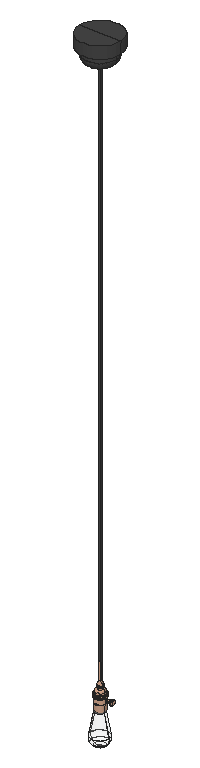
Revit family "SPO-KEY-AB MB", category Lighting Fixtures, Revit 2020
Family settings
  Round Connector Dimension = Use Diameter
  Part Type = Normal
  OmniClass Number = 23.80.70.00
  OmniClass Title = Lighting
  Work Plane-Based = No
  Always vertical = Yes
  Cut with Voids When Loaded = No
  Light Source = Yes
  Shared = No
  Room Calculation Point = No
Parameters (values of type "SPO-KEY-AB")
  Weight = "0.30 lbs"
  Wattage Comments = "60W Max"
  Wattage = 1.6 W
  Warranty = "5 year limited warranty"  # constant formula
  built-in parameter 1150110 = 1 (stored number, unit not read)
  Voltage = 277 V
  URL = "https://www.anplighting.com/assets/Uploads/product-attachments/specification-sheets/ANP-Specification-Sheet-SPO-KEY-AB.pdf"
  built-in parameter 1114217 = 1 (stored number, unit not read)
  Tilt Angle = 90.00°
  built-in parameter 1150109 = 1 (stored number, unit not read)
  built-in parameter 1150134 = 12
  built-in parameter 1150113 = 1 (stored number, unit not read)
  SPO-KEY-AB = yes
  Ring = RING
  Mounting Option [instance] = 1
  Power Factor = 1
  Post Mount [instance] = Mounting Option = 5  # no
  Placement X axis side [instance] = if(Post Mount, 2' 2 15/32", if(Cord or Stem Mount, 0' 0", if(E36 20 inch, 1' 8 1/4", if(E 6 26 inch, 2' 2", if(E7 41 inch, 3' 5 1/4", 0' 1")))))  # 0' - 0"
  Photometric Web File = "generic.ies"
  Model = "SPO-KEY-AB"
  Manufacturer = "ANP Lighting"  # constant formula
  built-in parameter 1150105 = 2000 (stored number, unit not read)
  Lumens = 2000 lm
  built-in parameter 1150115 = 1 (stored number, unit not read)
  Load Classification = Lighting
  Light Source Height [instance] = 0' - 6 205/256"
  built-in parameter 1150137 = (empty or 0)
  built-in parameter 1150139 = (empty or 0)
  Light Elevation _2 [instance] = if(Post Mount, 0' 0.66142", if(E7 41 inch, 0' 0.66142", if(E36 20 inch, 0' 1.65748", if(E 6 26 inch, 0' 1.53543", if(Cord or Stem Mount, (0' 4.3622" + Cord Length), 0' 0")))))  # 6' - 4.3622"
  Light Elevation _1 [instance] = if(Post Mount, 0' 0", if(E7 41 inch, 0' 0", if(E36 20 inch, 0' 1", if(E 6 26 inch, 0' 0.87402", if(Cord or Stem Mount, (0' 3.66142" + Cord Length), 0' 0")))))  # 6' - 3.66142"
  Light Elevation [instance] = if(Post Mount, 14' 0.5315", if(E7 41 inch, 0' 0", 0' 0"))  # 0' - 0"
  built-in parameter 1150112 = 1 (stored number, unit not read)
  built-in parameter 1150114 = 1 (stored number, unit not read)
  Lamp = "MED-BASE"
  built-in parameter 1150132 = 2
  built-in parameter 1150102 = (empty or 0)
  built-in parameter 1150107 = 4000 (stored number, unit not read)
  built-in parameter 1150138 = (empty or 0)
  built-in parameter 1150106 = 20 (stored number, unit not read)
  GLASS = Glass
  Fixture Height = 0' - 3 1/2"
  Fixture Diameter = 0' - 1 1/2"
  built-in parameter 1150104 = 116.13 (stored number, unit not read)
  E7 41 inch [instance] = Mounting Option = 4  # no
  E36 20 inch [instance] = Mounting Option = 3  # no
  E 6 26 inch [instance] = Mounting Option = 2  # no
  Dimming Lamp Color Temperature Shift = <None>
  Description = "120-277 Voltage"  # constant formula
  Default Elevation = 0' - 0"
  Cord or Stem Mount [instance] = Mounting Option = 1  # yes
  Cord Length option [instance] = 0
  Cord Length [instance] = if([2' Cord], 2' 0", if([4' Cord], 4' 0", if([8' Cord], 8' 0", if([10' Cord], 10' 0", if([6' Cord], 6' 0", 6' 0")))))  # 6' - 0"
  Construction Material = "Heavy Duty spun aluminum."  # constant formula
  Color Filter = 16777215
  Body Material = body
  Body Colour = "Spun aluminium"  # constant formula
  built-in parameter 1114218 = 1 (stored number, unit not read)
  built-in parameter 1150133 = 10 (stored number, unit not read)
  Apparent Load = 60 VA
  8' Cord [instance] = Cord Length option = 8  # no
  6' Cord [instance] = Cord Length option = 6  # no
  4' Cord [instance] = Cord Length option = 4  # no
  2' Cord [instance] = Cord Length option = 2  # no
  10' Cord [instance] = Cord Length option = 10  # no
Reference planes (in)
  plane 1 "Light Source Axis (F/B)": y = 0
  plane 2: z = 0
  plane 3 "Light Source Axis (L/R)": x = 0
  plane 4 "Light Source Elevation": z = 0
  plane 5: z = 0
  plane 6: x = 0
  plane 7 "Bulb Position": z = -76.3622
  plane 8 "Canopy Position": z = -75.66142
  plane 9 "IES": z = -83.16299
Dimensions and locks (in)
  "Light Elevation": plane 5 to plane 2
  "Placement X axis side": plane 6 to plane 3 "Light Source Axis (L/R)"
  "Light Elevation _2": plane 5 to plane 7 "Bulb Position"
  "Light Elevation _1": plane 5 to plane 8 "Canopy Position"
  "Light Source Height": plane 7 "Bulb Position" to plane 9 "IES"
  locked: plane 4 "Light Source Elevation" to plane 2
  aligned and locked: level to plane 2
  aligned and locked: plane 1 "Light Source Axis (F/B)" to nested 5
  aligned and locked: nested 5 to plane 2
  aligned and locked: nested 1 to plane 3 "Light Source Axis (L/R)"
  aligned and locked: plane 3 "Light Source Axis (L/R)" to nested 2
  aligned and locked: plane 3 "Light Source Axis (L/R)" to nested 4
  aligned and locked: nested 3 to plane 5
  aligned and locked: plane 3 "Light Source Axis (L/R)" to nested 3
  aligned and locked: plane 3 "Light Source Axis (L/R)" to nested 5
  aligned and locked: plane 1 "Light Source Axis (F/B)" to nested 2
  aligned and locked: plane 1 "Light Source Axis (F/B)" to nested 1
  aligned and locked: plane 1 "Light Source Axis (F/B)" to nested 4
  aligned and locked: plane 1 "Light Source Axis (F/B)" to nested 3
  aligned and locked: plane 2 to nested 1
  aligned and locked: plane 2 to nested 2
  aligned and locked: nested 4 to plane 2
  aligned and locked: imposter light to plane 9 "IES"
  aligned and locked: imposter light to plane 6
  aligned and locked: nested 6 to plane 6
  aligned and locked: nested 6 to plane 8 "Canopy Position"
Nested families (in)
  nested 1: "CORD OR STEM MOUNT" at (0, 0, -75.67), visible <- "Cord or Stem Mount", Cord or Stem Mount <- "Cord or Stem Mount", Body Material <- "Body Material", Light Elevation <- "Light Elevation", Cord Length <- "Cord Length", 10' Cord <- "10' Cord", 2' Cord <- "2' Cord", 4' Cord <- "4' Cord", 6' Cord <- "6' Cord", 8' Cord <- "8' Cord", type "CORD OR STEM MOUNT"
    with Light Elevation 0' - 0", Cord or Stem Mount yes, Cord Length 6' - 0", Body Material body, 8' Cord no, 6' Cord no, 4' Cord no, 2' Cord no, 10' Cord no
  nested 2: "E6 26 INCH" at (0, 0, 0), visible <- "E 6 26 inch", Chain Length <- "Cord Length", E 6 26 inch <- "E 6 26 inch", Placement X axis side <- "Placement X axis side", Body Material <- "Body Material", Light Elevation <- "Light Elevation", type "E6 26 INCH"
    with Placement X axis side 0' - 0", Light Elevation 0' - 0", E 6 26 inch no, Chain Length 6' - 0", Body Material body
  nested 3: "E7 41 INCH" at (0, 0, 0), Chain Length <- "Cord Length", visible <- "E7 41 inch", E7 41 inch <- "E7 41 inch", Placement X axis side <- "Placement X axis side", Body Material <- "Body Material", Light Elevation <- "Light Elevation", type "E7 41 INCH"
    with Placement X axis side 0' - 0", Light Elevation 0' - 0", E7 41 inch no, Chain Length 6' - 0", Body Material body
  nested 4: "E36 20 INCH" at (0, 0, 0), visible <- "E36 20 inch", E36 20 inch <- "E36 20 inch", Placement X axis side <- "Placement X axis side", Chain Length <- "Cord Length", Body Material <- "Body Material", Light Elevation <- "Light Elevation", type "E36 20 INCH"
    with Placement X axis side 0' - 0", Light Elevation 0' - 0", E36 20 inch no, Chain Length 6' - 0", Body Material body
  nested 5: "POST MOUNT" at (0, 0, 0), visible <- "Post Mount", Post Mount <- "Post Mount", Placement X axis side <- "Placement X axis side", Chain Length <- "Cord Length", Body Material <- "Body Material", Light Elevation <- "Light Elevation", type "POST MOUNT"
    with Post Mount no, Placement X axis side 0' - 0", Light Elevation 0' - 0", Chain Length 6' - 0", Body Material body
  nested 6: "SPO-KEY-AB" at (0, 0, -75.66142), Light Elevation <- "Light Elevation", Body <- "Ring", visible <- "SPO-KEY-AB", SPO-KEY-AB <- "SPO-KEY-AB", type "SPO-KEY-AB"
    with Light Elevation 0' - 0", Body RING
Definition of nested family "CORD OR STEM MOUNT"
  Parameters (values of type "CORD OR STEM MOUNT")
    URL = ""
    Model = ""
    Manufacturer = ""
    Light Elevation [instance] = 1' - 7.69"
    Default Elevation = 0' - 0"
    Cord or Stem Mount [instance] = yes
    Cord Length [instance] = 6' - 0"
    Body Material [instance] = none
    8' Cord [instance] = no
    6' Cord [instance] = no
    4' Cord [instance] = no
    2' Cord [instance] = no
    10' Cord [instance] = no
  Reference planes (in)
    plane 1 "Light Source Axis (F/B)": y = 0
    plane 2: z = 0
    plane 3 "Light Source Axis (L/R)": x = 0
    plane 4 "Light Source Elevation": z = 23.125
    plane 5: z = 91.69
    plane 6: z = 19.69
  Forms (in)
    Extrusion 1, void, not visible
      sketch origin (0, 0, 2.38154) x (1, 0, 0) y (0, 0, 1)
        loop
          circle (0, 4.59925) r 0.16583
      from 1.18594 to 1.75
    Extrusion 2, void, not visible
      sketch origin (0, 0, 2.38154) x (0.707107, -0.707107, 0) y (0, 0, 1)
        loop
          circle (0, 4.59925) r 0.16583
      from 1.18594 to 1.75
    Extrusion 3, void, not visible
      sketch origin (0, 0, 2.38154) x (0.707107, 0.707107, 0) y (0, 0, 1)
        loop
          circle (0, 4.59925) r 0.16583
      from 1.18594 to 1.75
    Extrusion 4, void, not visible
      sketch origin (0, 0, 2.38154) x (0, 1, 0) y (0, 0, 1)
        loop
          circle (0, 4.59925) r 0.16583
      from 1.18594 to 1.75
    Extrusion 5, void, not visible
      sketch origin (0, 0, 2.38154) x (-0.707107, 0.707107, 0) y (0, 0, 1)
        loop
          circle (0, 4.59925) r 0.16583
      from 1.18594 to 1.75
    Extrusion 6, void, not visible
      sketch origin (0, 0, 2.38154) x (-1, 0, 0) y (0, 0, 1)
        loop
          circle (0, 4.59925) r 0.20678
      from 1.18594 to 1.75
    Extrusion 7, void, not visible
      sketch origin (0, 0, 2.38154) x (-0.707107, -0.707107, 0) y (0, 0, 1)
        loop
          circle (0, 4.59925) r 0.16583
      from 1.18594 to 1.75
    Extrusion 8, void, not visible
      sketch origin (0, 0, 2.38154) x (0, -1, 0) y (0, 0, 1)
        loop
          circle (0, 4.59925) r 0.16583
      from 1.18594 to 1.75
    Revolve 9, solid, material <- "Body Material", visible <- "Cord or Stem Mount"
      sketch origin (0, 0, 174.56698) x (1, 0, 0) y (0, 0, 1)
        loop
          line (2.6875, -79.20698) -> (0, -79.20698) -> (0, -82.87698) -> (0.125, -82.87698) -> (0.125, -82.83698) -> (0.75, -82.83698)
          arc (0.75, -82.83698) -> (0.81694, -82.77004) -> (0.75, -82.7031) r 0.06694
          line (0.75, -82.7031) -> (0.89763, -82.7031) -> (1.00223, -82.5985) -> (1.06587, -82.5985)
          arc (1.06587, -82.5985) -> (1.80099, -82.29401) -> (2.10549, -81.55888) r 1.03962
          line (2.10549, -81.55888) -> (2.10549, -81.03899)
          arc (2.10549, -81.03899) -> (2.12951, -80.981) -> (2.1875, -80.95698) r 0.08201
          line (2.1875, -80.95698) -> (2.1875, -80.70698) -> (2.6875, -80.70698) -> (2.6875, -79.20698)
        axis (0, -79.20698) -> (0, -82.87698)
      angle from 0 to 360
    Revolve 10, solid, material <- "Body Material", visible <- "Cord or Stem Mount"
      sketch origin (0, 0, 0) x (1, 0, 0) y (0, 0, 1)
        loop
          line (0, 91.69) -> (-0.125, 91.69) -> (-0.125, 19.69) -> (0, 19.69) -> (0, 91.69)
        axis (0, 19.69) -> (0, 91.69)
      angle from 0 to 360
  Dimensions and locks (in)
    "Light Elevation": plane 6 to plane 2
    "Cord Length": plane 5 to plane 6
    locked: Revolve 10 sketch curve to Revolve 10 sketch curve at 0.125
    aligned and locked: level to plane 2
    aligned and locked: Revolve 10 sketch curve to plane 3 "Light Source Axis (L/R)"
    aligned and locked: Revolve 10 sketch curve to plane 6
    aligned and locked: Revolve 10 sketch curve to plane 5
    aligned and locked: plane 3 "Light Source Axis (L/R)" to Revolve 10 sketch curve
  Automatic sketch dimensions
    Revolve 9 sketch curve to plane 3 "Light Source Axis (L/R)" = 0' - 0"  (x2)
    Revolve 9 sketch curve to plane 5 = 0' - 0"
    plane 3 "Light Source Axis (L/R)" to Revolve 9 sketch curve = 0' - 0 1/8"
    Revolve 9 sketch curve to plane 5 = 0' - 0.17388"
    Revolve 9 sketch curve to Revolve 9 sketch curve = 0' - 0 5/8"
    Revolve 9 sketch curve to Revolve 9 sketch curve = 0' - 0.14763"
    Revolve 9 sketch curve to plane 5 = 0' - 0.27847"
    Revolve 9 sketch curve to Revolve 9 sketch curve = 0' - 0.1046"
    Revolve 9 sketch curve to Revolve 9 sketch curve = 0' - 0.06364"
    Revolve 9 sketch curve to Revolve 9 sketch curve = 0' - 1.03962"
    Revolve 9 sketch curve to Revolve 9 sketch curve = 0' - 0 21/256"
    Revolve 9 sketch curve to Revolve 9 sketch curve = 0' - 0 1/2"  (x2)
    Revolve 9 sketch curve to Revolve 9 sketch curve = 0' - 0.51989"
    Revolve 9 sketch curve to Revolve 9 sketch curve = 0' - 0 1/4"
    Revolve 9 sketch curve to Revolve 9 sketch curve = 0' - 2.3519"
    Revolve 9 sketch curve to Revolve 9 sketch curve = 0' - 1 1/4"
    Revolve 9 sketch curve to Revolve 9 sketch curve = 0' - 0.04"
    Revolve 10 sketch curve to Revolve 10 sketch curve = 0' - 0 1/2"
    Revolve 10 sketch curve to Revolve 10 sketch curve = 0' - 0.42345"
Definition of nested family "SPO-KEY-AB"
  Parameters (values of type "SPO-KEY-AB")
    SPO-KEY-AB [instance] = yes
    Light Elevation [instance] = 0' - 0"
    GLASS = none
    Default Elevation = 0' - 0"
    Body [instance] = none
  Reference planes (in)
    plane 1 "Center (Front/Back)": y = 0
    plane 2: z = 0
    plane 3 "Center (Left/Right)": x = 0
    plane 4: z = 0
  Dimensions and locks (in)
    "Light Elevation": plane 4 to plane 2
    locked: plane 4 to nested 2 at 3.5
    aligned and locked: plane 2 to level
    aligned and locked: plane 3 "Center (Left/Right)" to nested 1
    aligned and locked: plane 1 "Center (Front/Back)" to nested 1
    aligned and locked: plane 4 to nested 1
  Nested families (in)
    nested 1: "SPO-KEY-AB HOLDER" at (0, 0, -3.5), visible <- "SPO-KEY-AB", Body <- "Body", SPO-KEY-AB <- "SPO-KEY-AB", type "SPO-KEY-AB HOLDER"
    nested 2: "light" at (0, 0, -3.5), visible <- "SPO-KEY-AB", SPB <- "SPO-KEY-AB", Body <- "GLASS", type "light"
      with SPB yes, Body none
  Definition of nested family "SPO-KEY-AB HOLDER"
    Parameters (values of type "SPO-KEY-AB HOLDER")
      SPO-KEY-AB [instance] = yes
      Default Elevation = 0' - 0"
      Body [instance] = none
    Reference planes (in)
      plane 1 "Center (Front/Back)": y = 0
      plane 2: z = 0
      plane 3 "Center (Left/Right)": x = 0
      plane 4: z = 3.5
      plane 5: x = 0.75
      plane 6: x = -0.75
    Forms (in)
      Extrusion 1, solid, material <- "Body", visible <- "SPO-KEY-AB"
        sketch origin (0, 0, 0) x (1, 0, 0) y (0, 1, 0)
          loop
            circle (0, 0) r 0.1524
        from 3.5 to 5.76727
      Revolve 2, solid, material <- "Body", visible <- "SPO-KEY-AB"
        sketch origin (0, 0, 0) x (1, 0, 0) y (0, 0, 1)
          loop
            line (-0.18061, 3.5) -> (-0.32164, 2.93434) -> (-0.32164, 2.74115) -> (-0.25926, 2.74115) -> (-0.25926, 2.49115) -> (-0.31433, 2.42552)
            arc (-0.31433, 2.42552) -> (-0.49114, 2.37605) -> (-0.56812, 2.20938) r 0.21893
            line (-0.56812, 2.20938) -> (-0.56812, 2.00272) -> (-0.75, 2.00272) -> (-0.75, 1.61565) -> (-0.68925, 1.61565) -> (-0.68925, 0.93656) -> (-0.62575, 0.87307) -> (-0.62575, 0) -> (0, 0) -> (0, 3.5) -> (-0.18061, 3.5)
          axis (0, 0) -> (0, 3.5)
        angle from 0 to 360
      Revolve 3, solid, material <- "Body", visible <- "SPO-KEY-AB"
        sketch origin (0, 0, 0) x (1, 0, 0) y (0, 0, 1)
          loop
            line (0.68856, 1.41798) -> (0.68856, 1.37371) -> (1.6389, 1.37371) -> (1.6389, 1.68796) -> (1.50148, 1.68796)
            arc (1.50148, 1.68796) -> (1.35915, 1.49979) -> (1.13142, 1.43813) r 0.36469
            line (1.13142, 1.43813) -> (1.13142, 1.47522)
            arc (1.13142, 1.47522) -> (1.09261, 1.49665) -> (1.06433, 1.4625) r 0.03475
            arc (1.06433, 1.4625) -> (0.99951, 1.47299) -> (0.94815, 1.5139) r 0.12959
            line (0.94815, 1.5139) -> (0.81784, 1.5139) -> (0.81784, 1.41798) -> (0.68856, 1.41798)
          axis (0.68856, 1.37371) -> (1.6389, 1.37371)
        angle from 0 to 360
      Extrusion 4, solid, material <- "Body", visible <- "SPO-KEY-AB"
        sketch origin (0.01979, 0.02398, 0) x (1, 0, 0) y (0, 1, 0)
          loop
            line (0.44965, 0.52237) -> (0.48225, 0.49432) -> (0.51145, 0.52351) -> (0.47877, 0.55619) -> (0.44965, 0.52237)
        from 1.87225 to 1.98153
      Extrusion 5, solid, material <- "Body", visible <- "SPO-KEY-AB"
        sketch origin (0.02205, 0.02193, 0) x (0.995192, -0.097945, 0) y (0.097945, 0.995192, 0)
          loop
            line (0.44965, 0.52237) -> (0.48225, 0.49432) -> (0.51145, 0.52351) -> (0.47877, 0.55619) -> (0.44965, 0.52237)
        from 1.87225 to 1.98153
      Extrusion 6, solid, material <- "Body", visible <- "SPO-KEY-AB"
        sketch origin (0.02409, 0.01967, 0) x (0.980813, -0.194949, 0) y (0.194949, 0.980813, 0)
          loop
            line (0.44965, 0.52237) -> (0.48225, 0.49432) -> (0.51145, 0.52351) -> (0.47877, 0.55619) -> (0.44965, 0.52237)
        from 1.87225 to 1.98153
      Extrusion 7, solid, material <- "Body", visible <- "SPO-KEY-AB"
        sketch origin (0.0259, 0.01721, 0) x (0.957003, -0.290078, 0) y (0.290078, 0.957003, 0)
          loop
            line (0.44965, 0.52237) -> (0.48225, 0.49432) -> (0.51145, 0.52351) -> (0.47877, 0.55619) -> (0.44965, 0.52237)
        from 1.87225 to 1.98153
      Extrusion 8, solid, material <- "Body", visible <- "SPO-KEY-AB"
        sketch origin (0.02746, 0.01459, 0) x (0.92399, -0.382417, 0) y (0.382417, 0.92399, 0)
          loop
            line (0.44965, 0.52237) -> (0.48225, 0.49432) -> (0.51145, 0.52351) -> (0.47877, 0.55619) -> (0.44965, 0.52237)
        from 1.87225 to 1.98153
      Extrusion 9, solid, material <- "Body", visible <- "SPO-KEY-AB"
        sketch origin (0.02876, 0.01183, 0) x (0.882091, -0.471078, 0) y (0.471078, 0.882091, 0)
          loop
            line (0.44965, 0.52237) -> (0.48225, 0.49432) -> (0.51145, 0.52351) -> (0.47877, 0.55619) -> (0.44965, 0.52237)
        from 1.87225 to 1.98153
      Extrusion 10, solid, material <- "Body", visible <- "SPO-KEY-AB"
        sketch origin (0.02978, 0.00896, 0) x (0.83171, -0.55521, 0) y (0.55521, 0.83171, 0)
          loop
            line (0.44965, 0.52237) -> (0.48225, 0.49432) -> (0.51145, 0.52351) -> (0.47877, 0.55619) -> (0.44965, 0.52237)
        from 1.87225 to 1.98153
      Extrusion 11, solid, material <- "Body", visible <- "SPO-KEY-AB"
        sketch origin (0.03051, 0.006, 0) x (0.773331, -0.634003, 0) y (0.634003, 0.773331, 0)
          loop
            line (0.44965, 0.52237) -> (0.48225, 0.49432) -> (0.51145, 0.52351) -> (0.47877, 0.55619) -> (0.44965, 0.52237)
        from 1.87225 to 1.98153
      Extrusion 12, solid, material <- "Body", visible <- "SPO-KEY-AB"
        sketch origin (0.03095, 0.00298, 0) x (0.707515, -0.706698, 0) y (0.706698, 0.707515, 0)
          loop
            line (0.44965, 0.52237) -> (0.48225, 0.49432) -> (0.51145, 0.52351) -> (0.47877, 0.55619) -> (0.44965, 0.52237)
        from 1.87225 to 1.98153
      Extrusion 13, solid, material <- "Body", visible <- "SPO-KEY-AB"
        sketch origin (0.0311, -0.00007, 0) x (0.634895, -0.772598, 0) y (0.772598, 0.634895, 0)
          loop
            line (0.44965, 0.52237) -> (0.48225, 0.49432) -> (0.51145, 0.52351) -> (0.47877, 0.55619) -> (0.44965, 0.52237)
        from 1.87225 to 1.98153
      Extrusion 14, solid, material <- "Body", visible <- "SPO-KEY-AB"
        sketch origin (0.03094, -0.00311, 0) x (0.55617, -0.831068, 0) y (0.831068, 0.55617, 0)
          loop
            line (0.44965, 0.52237) -> (0.48225, 0.49432) -> (0.51145, 0.52351) -> (0.47877, 0.55619) -> (0.44965, 0.52237)
        from 1.87225 to 1.98153
      Extrusion 15, solid, material <- "Body", visible <- "SPO-KEY-AB"
        sketch origin (0.03049, -0.00613, 0) x (0.472097, -0.881547, 0) y (0.881547, 0.472097, 0)
          loop
            line (0.44965, 0.52237) -> (0.48225, 0.49432) -> (0.51145, 0.52351) -> (0.47877, 0.55619) -> (0.44965, 0.52237)
        from 1.87225 to 1.98153
      Extrusion 16, solid, material <- "Body", visible <- "SPO-KEY-AB"
        sketch origin (0.02974, -0.00908, 0) x (0.383483, -0.923548, 0) y (0.923548, 0.383483, 0)
          loop
            line (0.44965, 0.52237) -> (0.48225, 0.49432) -> (0.51145, 0.52351) -> (0.47877, 0.55619) -> (0.44965, 0.52237)
        from 1.87225 to 1.98153
      Extrusion 17, solid, material <- "Body", visible <- "SPO-KEY-AB"
        sketch origin (0.02871, -0.01195, 0) x (0.291182, -0.956668, 0) y (0.956668, 0.291182, 0)
          loop
            line (0.44965, 0.52237) -> (0.48225, 0.49432) -> (0.51145, 0.52351) -> (0.47877, 0.55619) -> (0.44965, 0.52237)
        from 1.87225 to 1.98153
      Extrusion 18, solid, material <- "Body", visible <- "SPO-KEY-AB"
        sketch origin (0.0274, -0.01471, 0) x (0.196081, -0.980588, 0) y (0.980588, 0.196081, 0)
          loop
            line (0.44965, 0.52237) -> (0.48225, 0.49432) -> (0.51145, 0.52351) -> (0.47877, 0.55619) -> (0.44965, 0.52237)
        from 1.87225 to 1.98153
      Extrusion 19, solid, material <- "Body", visible <- "SPO-KEY-AB"
        sketch origin (0.02583, -0.01732, 0) x (0.099094, -0.995078, 0) y (0.995078, 0.099094, 0)
          loop
            line (0.44965, 0.52237) -> (0.48225, 0.49432) -> (0.51145, 0.52351) -> (0.47877, 0.55619) -> (0.44965, 0.52237)
        from 1.87225 to 1.98153
      Extrusion 20, solid, material <- "Body", visible <- "SPO-KEY-AB"
        sketch origin (0.02401, -0.01977, 0) x (0.001155, -0.999999, 0) y (0.999999, 0.001155, 0)
          loop
            line (0.44965, 0.52237) -> (0.48225, 0.49432) -> (0.51145, 0.52351) -> (0.47877, 0.55619) -> (0.44965, 0.52237)
        from 1.87225 to 1.98153
      Extrusion 21, solid, material <- "Body", visible <- "SPO-KEY-AB"
        sketch origin (0.02196, -0.02202, 0) x (-0.096796, -0.995304, 0) y (0.995304, -0.096796, 0)
          loop
            line (0.44965, 0.52237) -> (0.48225, 0.49432) -> (0.51145, 0.52351) -> (0.47877, 0.55619) -> (0.44965, 0.52237)
        from 1.87225 to 1.98153
      Extrusion 22, solid, material <- "Body", visible <- "SPO-KEY-AB"
        sketch origin (0.01969, -0.02407, 0) x (-0.193816, -0.981038, 0) y (0.981038, -0.193816, 0)
          loop
            line (0.44965, 0.52237) -> (0.48225, 0.49432) -> (0.51145, 0.52351) -> (0.47877, 0.55619) -> (0.44965, 0.52237)
        from 1.87225 to 1.98153
      Extrusion 23, solid, material <- "Body", visible <- "SPO-KEY-AB"
        sketch origin (0.01724, -0.02588, 0) x (-0.288972, -0.957337, 0) y (0.957337, -0.288972, 0)
          loop
            line (0.44965, 0.52237) -> (0.48225, 0.49432) -> (0.51145, 0.52351) -> (0.47877, 0.55619) -> (0.44965, 0.52237)
        from 1.87225 to 1.98153
      Extrusion 24, solid, material <- "Body", visible <- "SPO-KEY-AB"
        sketch origin (0.01462, -0.02744, 0) x (-0.38135, -0.924431, 0) y (0.924431, -0.38135, 0)
          loop
            line (0.44965, 0.52237) -> (0.48225, 0.49432) -> (0.51145, 0.52351) -> (0.47877, 0.55619) -> (0.44965, 0.52237)
        from 1.87225 to 1.98153
      Extrusion 25, solid, material <- "Body", visible <- "SPO-KEY-AB"
        sketch origin (0.01186, -0.02874, 0) x (-0.47006, -0.882635, 0) y (0.882635, -0.47006, 0)
          loop
            line (0.44965, 0.52237) -> (0.48225, 0.49432) -> (0.51145, 0.52351) -> (0.47877, 0.55619) -> (0.44965, 0.52237)
        from 1.87225 to 1.98153
      Extrusion 26, solid, material <- "Body", visible <- "SPO-KEY-AB"
        sketch origin (0.00899, -0.02977, 0) x (-0.554249, -0.832351, 0) y (0.832351, -0.554249, 0)
          loop
            line (0.44965, 0.52237) -> (0.48225, 0.49432) -> (0.51145, 0.52351) -> (0.47877, 0.55619) -> (0.44965, 0.52237)
        from 1.87225 to 1.98153
      Extrusion 27, solid, material <- "Body", visible <- "SPO-KEY-AB"
        sketch origin (0.00603, -0.03051, 0) x (-0.633109, -0.774062, 0) y (0.774062, -0.633109, 0)
          loop
            line (0.44965, 0.52237) -> (0.48225, 0.49432) -> (0.51145, 0.52351) -> (0.47877, 0.55619) -> (0.44965, 0.52237)
        from 1.87225 to 1.98153
      Extrusion 28, solid, material <- "Body", visible <- "SPO-KEY-AB"
        sketch origin (0.00302, -0.03095, 0) x (-0.705881, -0.70833, 0) y (0.70833, -0.705881, 0)
          loop
            line (0.44965, 0.52237) -> (0.48225, 0.49432) -> (0.51145, 0.52351) -> (0.47877, 0.55619) -> (0.44965, 0.52237)
        from 1.87225 to 1.98153
      Extrusion 29, solid, material <- "Body", visible <- "SPO-KEY-AB"
        sketch origin (-0.00003, -0.0311, 0) x (-0.771865, -0.635787, 0) y (0.635787, -0.771865, 0)
          loop
            line (0.44965, 0.52237) -> (0.48225, 0.49432) -> (0.51145, 0.52351) -> (0.47877, 0.55619) -> (0.44965, 0.52237)
        from 1.87225 to 1.98153
      Extrusion 30, solid, material <- "Body", visible <- "SPO-KEY-AB"
        sketch origin (-0.00308, -0.03094, 0) x (-0.830426, -0.557129, 0) y (0.557129, -0.830426, 0)
          loop
            line (0.44965, 0.52237) -> (0.48225, 0.49432) -> (0.51145, 0.52351) -> (0.47877, 0.55619) -> (0.44965, 0.52237)
        from 1.87225 to 1.98153
      Extrusion 31, solid, material <- "Body", visible <- "SPO-KEY-AB"
        sketch origin (-0.00609, -0.03049, 0) x (-0.881001, -0.473114, 0) y (0.473114, -0.881001, 0)
          loop
            line (0.44965, 0.52237) -> (0.48225, 0.49432) -> (0.51145, 0.52351) -> (0.47877, 0.55619) -> (0.44965, 0.52237)
        from 1.87225 to 1.98153
      Extrusion 32, solid, material <- "Body", visible <- "SPO-KEY-AB"
        sketch origin (-0.00905, -0.02975, 0) x (-0.923104, -0.384549, 0) y (0.384549, -0.923104, 0)
          loop
            line (0.44965, 0.52237) -> (0.48225, 0.49432) -> (0.51145, 0.52351) -> (0.47877, 0.55619) -> (0.44965, 0.52237)
        from 1.87225 to 1.98153
      Extrusion 33, solid, material <- "Body", visible <- "SPO-KEY-AB"
        sketch origin (-0.01192, -0.02872, 0) x (-0.956331, -0.292287, 0) y (0.292287, -0.956331, 0)
          loop
            line (0.44965, 0.52237) -> (0.48225, 0.49432) -> (0.51145, 0.52351) -> (0.47877, 0.55619) -> (0.44965, 0.52237)
        from 1.87225 to 1.98153
      Extrusion 34, solid, material <- "Body", visible <- "SPO-KEY-AB"
        sketch origin (-0.01468, -0.02742, 0) x (-0.980361, -0.197213, 0) y (0.197213, -0.980361, 0)
          loop
            line (0.44965, 0.52237) -> (0.48225, 0.49432) -> (0.51145, 0.52351) -> (0.47877, 0.55619) -> (0.44965, 0.52237)
        from 1.87225 to 1.98153
      Extrusion 35, solid, material <- "Body", visible <- "SPO-KEY-AB"
        sketch origin (-0.01729, -0.02585, 0) x (-0.994963, -0.100243, 0) y (0.100243, -0.994963, 0)
          loop
            line (0.44965, 0.52237) -> (0.48225, 0.49432) -> (0.51145, 0.52351) -> (0.47877, 0.55619) -> (0.44965, 0.52237)
        from 1.87225 to 1.98153
      Extrusion 36, solid, material <- "Body", visible <- "SPO-KEY-AB"
        sketch origin (-0.01974, -0.02403, 0) x (-0.999997, -0.002309, 0) y (0.002309, -0.999997, 0)
          loop
            line (0.44965, 0.52237) -> (0.48225, 0.49432) -> (0.51145, 0.52351) -> (0.47877, 0.55619) -> (0.44965, 0.52237)
        from 1.87225 to 1.98153
      Extrusion 37, solid, material <- "Body", visible <- "SPO-KEY-AB"
        sketch origin (-0.022, -0.02198, 0) x (-0.995415, 0.095647, 0) y (-0.095647, -0.995415, 0)
          loop
            line (0.44965, 0.52237) -> (0.48225, 0.49432) -> (0.51145, 0.52351) -> (0.47877, 0.55619) -> (0.44965, 0.52237)
        from 1.87225 to 1.98153
      Extrusion 38, solid, material <- "Body", visible <- "SPO-KEY-AB"
        sketch origin (-0.02404, -0.01972, 0) x (-0.981261, 0.192683, 0) y (-0.192683, -0.981261, 0)
          loop
            line (0.44965, 0.52237) -> (0.48225, 0.49432) -> (0.51145, 0.52351) -> (0.47877, 0.55619) -> (0.44965, 0.52237)
        from 1.87225 to 1.98153
      Extrusion 39, solid, material <- "Body", visible <- "SPO-KEY-AB"
        sketch origin (-0.02586, -0.01727, 0) x (-0.95767, 0.287867, 0) y (-0.287867, -0.95767, 0)
          loop
            line (0.44965, 0.52237) -> (0.48225, 0.49432) -> (0.51145, 0.52351) -> (0.47877, 0.55619) -> (0.44965, 0.52237)
        from 1.87225 to 1.98153
      Extrusion 40, solid, material <- "Body", visible <- "SPO-KEY-AB"
        sketch origin (-0.02743, -0.01465, 0) x (-0.924871, 0.380282, 0) y (-0.380282, -0.924871, 0)
          loop
            line (0.44965, 0.52237) -> (0.48225, 0.49432) -> (0.51145, 0.52351) -> (0.47877, 0.55619) -> (0.44965, 0.52237)
        from 1.87225 to 1.98153
      Extrusion 41, solid, material <- "Body", visible <- "SPO-KEY-AB"
        sketch origin (-0.02873, -0.0119, 0) x (-0.883177, 0.46904, 0) y (-0.46904, -0.883177, 0)
          loop
            line (0.44965, 0.52237) -> (0.48225, 0.49432) -> (0.51145, 0.52351) -> (0.47877, 0.55619) -> (0.44965, 0.52237)
        from 1.87225 to 1.98153
      Extrusion 42, solid, material <- "Body", visible <- "SPO-KEY-AB"
        sketch origin (-0.02976, -0.00903, 0) x (-0.83299, 0.553288, 0) y (-0.553288, -0.83299, 0)
          loop
            line (0.44965, 0.52237) -> (0.48225, 0.49432) -> (0.51145, 0.52351) -> (0.47877, 0.55619) -> (0.44965, 0.52237)
        from 1.87225 to 1.98153
      Extrusion 43, solid, material <- "Body", visible <- "SPO-KEY-AB"
        sketch origin (-0.0305, -0.00607, 0) x (-0.774793, 0.632215, 0) y (-0.632215, -0.774793, 0)
          loop
            line (0.44965, 0.52237) -> (0.48225, 0.49432) -> (0.51145, 0.52351) -> (0.47877, 0.55619) -> (0.44965, 0.52237)
        from 1.87225 to 1.98153
      Extrusion 44, solid, material <- "Body", visible <- "SPO-KEY-AB"
        sketch origin (-0.03095, -0.00305, 0) x (-0.709145, 0.705063, 0) y (-0.705063, -0.709145, 0)
          loop
            line (0.44965, 0.52237) -> (0.48225, 0.49432) -> (0.51145, 0.52351) -> (0.47877, 0.55619) -> (0.44965, 0.52237)
        from 1.87225 to 1.98153
      Extrusion 45, solid, material <- "Body", visible <- "SPO-KEY-AB"
        sketch origin (-0.0311, -0.00001, 0) x (-0.636678, 0.77113, 0) y (-0.77113, -0.636678, 0)
          loop
            line (0.44965, 0.52237) -> (0.48225, 0.49432) -> (0.51145, 0.52351) -> (0.47877, 0.55619) -> (0.44965, 0.52237)
        from 1.87225 to 1.98153
      Extrusion 46, solid, material <- "Body", visible <- "SPO-KEY-AB"
        sketch origin (-0.03095, 0.00304, 0) x (-0.558088, 0.829782, 0) y (-0.829782, -0.558088, 0)
          loop
            line (0.44965, 0.52237) -> (0.48225, 0.49432) -> (0.51145, 0.52351) -> (0.47877, 0.55619) -> (0.44965, 0.52237)
        from 1.87225 to 1.98153
      Extrusion 47, solid, material <- "Body", visible <- "SPO-KEY-AB"
        sketch origin (-0.0305, 0.00606, 0) x (-0.474131, 0.880454, 0) y (-0.880454, -0.474131, 0)
          loop
            line (0.44965, 0.52237) -> (0.48225, 0.49432) -> (0.51145, 0.52351) -> (0.47877, 0.55619) -> (0.44965, 0.52237)
        from 1.87225 to 1.98153
      Extrusion 48, solid, material <- "Body", visible <- "SPO-KEY-AB"
        sketch origin (-0.02976, 0.00901, 0) x (-0.385615, 0.92266, 0) y (-0.92266, -0.385615, 0)
          loop
            line (0.44965, 0.52237) -> (0.48225, 0.49432) -> (0.51145, 0.52351) -> (0.47877, 0.55619) -> (0.44965, 0.52237)
        from 1.87225 to 1.98153
      Extrusion 49, solid, material <- "Body", visible <- "SPO-KEY-AB"
        sketch origin (-0.02874, 0.01189, 0) x (-0.293391, 0.955993, 0) y (-0.955993, -0.293391, 0)
          loop
            line (0.44965, 0.52237) -> (0.48225, 0.49432) -> (0.51145, 0.52351) -> (0.47877, 0.55619) -> (0.44965, 0.52237)
        from 1.87225 to 1.98153
      Extrusion 50, solid, material <- "Body", visible <- "SPO-KEY-AB"
        sketch origin (-0.02743, 0.01464, 0) x (-0.198345, 0.980132, 0) y (-0.980132, -0.198345, 0)
          loop
            line (0.44965, 0.52237) -> (0.48225, 0.49432) -> (0.51145, 0.52351) -> (0.47877, 0.55619) -> (0.44965, 0.52237)
        from 1.87225 to 1.98153
      Extrusion 51, solid, material <- "Body", visible <- "SPO-KEY-AB"
        sketch origin (-0.02587, 0.01726, 0) x (-0.101392, 0.994847, 0) y (-0.994847, -0.101392, 0)
          loop
            line (0.44965, 0.52237) -> (0.48225, 0.49432) -> (0.51145, 0.52351) -> (0.47877, 0.55619) -> (0.44965, 0.52237)
        from 1.87225 to 1.98153
      Extrusion 52, solid, material <- "Body", visible <- "SPO-KEY-AB"
        sketch origin (-0.02405, 0.01971, 0) x (-0.003464, 0.999994, 0) y (-0.999994, -0.003464, 0)
          loop
            line (0.44965, 0.52237) -> (0.48225, 0.49432) -> (0.51145, 0.52351) -> (0.47877, 0.55619) -> (0.44965, 0.52237)
        from 1.87225 to 1.98153
      Extrusion 53, solid, material <- "Body", visible <- "SPO-KEY-AB"
        sketch origin (-0.02201, 0.02197, 0) x (0.094498, 0.995525, 0) y (-0.995525, 0.094498, 0)
          loop
            line (0.44965, 0.52237) -> (0.48225, 0.49432) -> (0.51145, 0.52351) -> (0.47877, 0.55619) -> (0.44965, 0.52237)
        from 1.87225 to 1.98153
      Extrusion 54, solid, material <- "Body", visible <- "SPO-KEY-AB"
        sketch origin (-0.01975, 0.02402, 0) x (0.19155, 0.981483, 0) y (-0.981483, 0.19155, 0)
          loop
            line (0.44965, 0.52237) -> (0.48225, 0.49432) -> (0.51145, 0.52351) -> (0.47877, 0.55619) -> (0.44965, 0.52237)
        from 1.87225 to 1.98153
      Extrusion 55, solid, material <- "Body", visible <- "SPO-KEY-AB"
        sketch origin (-0.0173, 0.02584, 0) x (0.286761, 0.958002, 0) y (-0.958002, 0.286761, 0)
          loop
            line (0.44965, 0.52237) -> (0.48225, 0.49432) -> (0.51145, 0.52351) -> (0.47877, 0.55619) -> (0.44965, 0.52237)
        from 1.87225 to 1.98153
      Extrusion 56, solid, material <- "Body", visible <- "SPO-KEY-AB"
        sketch origin (-0.01469, 0.02741, 0) x (0.379214, 0.925309, 0) y (-0.925309, 0.379214, 0)
          loop
            line (0.44965, 0.52237) -> (0.48225, 0.49432) -> (0.51145, 0.52351) -> (0.47877, 0.55619) -> (0.44965, 0.52237)
        from 1.87225 to 1.98153
      Extrusion 57, solid, material <- "Body", visible <- "SPO-KEY-AB"
        sketch origin (-0.01193, 0.02872, 0) x (0.46802, 0.883718, 0) y (-0.883718, 0.46802, 0)
          loop
            line (0.44965, 0.52237) -> (0.48225, 0.49432) -> (0.51145, 0.52351) -> (0.47877, 0.55619) -> (0.44965, 0.52237)
        from 1.87225 to 1.98153
      Extrusion 58, solid, material <- "Body", visible <- "SPO-KEY-AB"
        sketch origin (-0.00906, 0.02975, 0) x (0.552326, 0.833628, 0) y (-0.833628, 0.552326, 0)
          loop
            line (0.44965, 0.52237) -> (0.48225, 0.49432) -> (0.51145, 0.52351) -> (0.47877, 0.55619) -> (0.44965, 0.52237)
        from 1.87225 to 1.98153
      Extrusion 59, solid, material <- "Body", visible <- "SPO-KEY-AB"
        sketch origin (-0.0061, 0.03049, 0) x (0.63132, 0.775522, 0) y (-0.775522, 0.63132, 0)
          loop
            line (0.44965, 0.52237) -> (0.48225, 0.49432) -> (0.51145, 0.52351) -> (0.47877, 0.55619) -> (0.44965, 0.52237)
        from 1.87225 to 1.98153
      Extrusion 60, solid, material <- "Body", visible <- "SPO-KEY-AB"
        sketch origin (-0.00309, 0.03094, 0) x (0.704243, 0.709959, 0) y (-0.709959, 0.704243, 0)
          loop
            line (0.44965, 0.52237) -> (0.48225, 0.49432) -> (0.51145, 0.52351) -> (0.47877, 0.55619) -> (0.44965, 0.52237)
        from 1.87225 to 1.98153
      Extrusion 61, solid, material <- "Body", visible <- "SPO-KEY-AB"
        sketch origin (-0.00004, 0.0311, 0) x (0.770394, 0.637568, 0) y (-0.637568, 0.770394, 0)
          loop
            line (0.44965, 0.52237) -> (0.48225, 0.49432) -> (0.51145, 0.52351) -> (0.47877, 0.55619) -> (0.44965, 0.52237)
        from 1.87225 to 1.98153
      Extrusion 62, solid, material <- "Body", visible <- "SPO-KEY-AB"
        sketch origin (0.003, 0.03095, 0) x (0.829137, 0.559045, 0) y (-0.559045, 0.829137, 0)
          loop
            line (0.44965, 0.52237) -> (0.48225, 0.49432) -> (0.51145, 0.52351) -> (0.47877, 0.55619) -> (0.44965, 0.52237)
        from 1.87225 to 1.98153
      Extrusion 63, solid, material <- "Body", visible <- "SPO-KEY-AB"
        sketch origin (0.00602, 0.03051, 0) x (0.879906, 0.475147, 0) y (-0.475147, 0.879906, 0)
          loop
            line (0.44965, 0.52237) -> (0.48225, 0.49432) -> (0.51145, 0.52351) -> (0.47877, 0.55619) -> (0.44965, 0.52237)
        from 1.87225 to 1.98153
      Extrusion 64, solid, material <- "Body", visible <- "SPO-KEY-AB"
        sketch origin (0.00898, 0.02977, 0) x (0.922214, 0.38668, 0) y (-0.38668, 0.922214, 0)
          loop
            line (0.44965, 0.52237) -> (0.48225, 0.49432) -> (0.51145, 0.52351) -> (0.47877, 0.55619) -> (0.44965, 0.52237)
        from 1.87225 to 1.98153
      Extrusion 65, solid, material <- "Body", visible <- "SPO-KEY-AB"
        sketch origin (0.01185, 0.02875, 0) x (0.955653, 0.294494, 0) y (-0.294494, 0.955653, 0)
          loop
            line (0.44965, 0.52237) -> (0.48225, 0.49432) -> (0.51145, 0.52351) -> (0.47877, 0.55619) -> (0.44965, 0.52237)
        from 1.87225 to 1.98153
      Extrusion 66, solid, material <- "Body", visible <- "SPO-KEY-AB"
        sketch origin (0.01461, 0.02745, 0) x (0.979903, 0.199477, 0) y (-0.199477, 0.979903, 0)
          loop
            line (0.44965, 0.52237) -> (0.48225, 0.49432) -> (0.51145, 0.52351) -> (0.47877, 0.55619) -> (0.44965, 0.52237)
        from 1.87225 to 1.98153
      Extrusion 67, solid, material <- "Body", visible <- "SPO-KEY-AB"
        sketch origin (0.01723, 0.02589, 0) x (0.994729, 0.102541, 0) y (-0.102541, 0.994729, 0)
          loop
            line (0.44965, 0.52237) -> (0.48225, 0.49432) -> (0.51145, 0.52351) -> (0.47877, 0.55619) -> (0.44965, 0.52237)
        from 1.87225 to 1.98153
      Extrusion 68, solid, material <- "Body", visible <- "SPO-KEY-AB"
        sketch origin (0.01968, 0.02408, 0) x (0.999989, 0.004618, 0) y (-0.004618, 0.999989, 0)
          loop
            line (0.44965, 0.52237) -> (0.48225, 0.49432) -> (0.51145, 0.52351) -> (0.47877, 0.55619) -> (0.44965, 0.52237)
        from 1.87225 to 1.98153
      Extrusion 69, solid, material <- "Body", visible <- "SPO-KEY-AB"
        sketch origin (0.01979, 0.02398, -0.22468) x (1, 0, 0) y (0, 1, 0)
          loop
            line (0.44965, 0.52237) -> (0.48225, 0.49432) -> (0.51145, 0.52351) -> (0.47877, 0.55619) -> (0.44965, 0.52237)
        from 1.87225 to 1.98153
      Extrusion 70, solid, material <- "Body", visible <- "SPO-KEY-AB"
        sketch origin (0.02205, 0.02193, -0.22468) x (0.995192, -0.097945, 0) y (0.097945, 0.995192, 0)
          loop
            line (0.44965, 0.52237) -> (0.48225, 0.49432) -> (0.51145, 0.52351) -> (0.47877, 0.55619) -> (0.44965, 0.52237)
        from 1.87225 to 1.98153
      Extrusion 71, solid, material <- "Body", visible <- "SPO-KEY-AB"
        sketch origin (0.02409, 0.01967, -0.22468) x (0.980813, -0.194949, 0) y (0.194949, 0.980813, 0)
          loop
            line (0.44965, 0.52237) -> (0.48225, 0.49432) -> (0.51145, 0.52351) -> (0.47877, 0.55619) -> (0.44965, 0.52237)
        from 1.87225 to 1.98153
      Extrusion 72, solid, material <- "Body", visible <- "SPO-KEY-AB"
        sketch origin (0.0259, 0.01721, -0.22468) x (0.957003, -0.290078, 0) y (0.290078, 0.957003, 0)
          loop
            line (0.44965, 0.52237) -> (0.48225, 0.49432) -> (0.51145, 0.52351) -> (0.47877, 0.55619) -> (0.44965, 0.52237)
        from 1.87225 to 1.98153
      Extrusion 73, solid, material <- "Body", visible <- "SPO-KEY-AB"
        sketch origin (0.02746, 0.01459, -0.22468) x (0.92399, -0.382417, 0) y (0.382417, 0.92399, 0)
          loop
            line (0.44965, 0.52237) -> (0.48225, 0.49432) -> (0.51145, 0.52351) -> (0.47877, 0.55619) -> (0.44965, 0.52237)
        from 1.87225 to 1.98153
      Extrusion 74, solid, material <- "Body", visible <- "SPO-KEY-AB"
        sketch origin (0.02876, 0.01183, -0.22468) x (0.882091, -0.471078, 0) y (0.471078, 0.882091, 0)
          loop
            line (0.44965, 0.52237) -> (0.48225, 0.49432) -> (0.51145, 0.52351) -> (0.47877, 0.55619) -> (0.44965, 0.52237)
        from 1.87225 to 1.98153
      Extrusion 75, solid, material <- "Body", visible <- "SPO-KEY-AB"
        sketch origin (0.02978, 0.00896, -0.22468) x (0.83171, -0.55521, 0) y (0.55521, 0.83171, 0)
          loop
            line (0.44965, 0.52237) -> (0.48225, 0.49432) -> (0.51145, 0.52351) -> (0.47877, 0.55619) -> (0.44965, 0.52237)
        from 1.87225 to 1.98153
      Extrusion 76, solid, material <- "Body", visible <- "SPO-KEY-AB"
        sketch origin (0.03051, 0.006, -0.22468) x (0.773331, -0.634003, 0) y (0.634003, 0.773331, 0)
          loop
            line (0.44965, 0.52237) -> (0.48225, 0.49432) -> (0.51145, 0.52351) -> (0.47877, 0.55619) -> (0.44965, 0.52237)
        from 1.87225 to 1.98153
      Extrusion 77, solid, material <- "Body", visible <- "SPO-KEY-AB"
        sketch origin (0.03095, 0.00298, -0.22468) x (0.707515, -0.706698, 0) y (0.706698, 0.707515, 0)
          loop
            line (0.44965, 0.52237) -> (0.48225, 0.49432) -> (0.51145, 0.52351) -> (0.47877, 0.55619) -> (0.44965, 0.52237)
        from 1.87225 to 1.98153
      Extrusion 78, solid, material <- "Body", visible <- "SPO-KEY-AB"
        sketch origin (0.0311, -0.00007, -0.22468) x (0.634895, -0.772598, 0) y (0.772598, 0.634895, 0)
          loop
            line (0.44965, 0.52237) -> (0.48225, 0.49432) -> (0.51145, 0.52351) -> (0.47877, 0.55619) -> (0.44965, 0.52237)
        from 1.87225 to 1.98153
      Extrusion 79, solid, material <- "Body", visible <- "SPO-KEY-AB"
        sketch origin (0.03094, -0.00311, -0.22468) x (0.55617, -0.831068, 0) y (0.831068, 0.55617, 0)
          loop
            line (0.44965, 0.52237) -> (0.48225, 0.49432) -> (0.51145, 0.52351) -> (0.47877, 0.55619) -> (0.44965, 0.52237)
        from 1.87225 to 1.98153
      Extrusion 80, solid, material <- "Body", visible <- "SPO-KEY-AB"
        sketch origin (0.03049, -0.00613, -0.22468) x (0.472097, -0.881547, 0) y (0.881547, 0.472097, 0)
          loop
            line (0.44965, 0.52237) -> (0.48225, 0.49432) -> (0.51145, 0.52351) -> (0.47877, 0.55619) -> (0.44965, 0.52237)
        from 1.87225 to 1.98153
      Extrusion 81, solid, material <- "Body", visible <- "SPO-KEY-AB"
        sketch origin (0.02974, -0.00908, -0.22468) x (0.383483, -0.923548, 0) y (0.923548, 0.383483, 0)
          loop
            line (0.44965, 0.52237) -> (0.48225, 0.49432) -> (0.51145, 0.52351) -> (0.47877, 0.55619) -> (0.44965, 0.52237)
        from 1.87225 to 1.98153
      Extrusion 82, solid, material <- "Body", visible <- "SPO-KEY-AB"
        sketch origin (0.02871, -0.01195, -0.22468) x (0.291182, -0.956668, 0) y (0.956668, 0.291182, 0)
          loop
            line (0.44965, 0.52237) -> (0.48225, 0.49432) -> (0.51145, 0.52351) -> (0.47877, 0.55619) -> (0.44965, 0.52237)
        from 1.87225 to 1.98153
      Extrusion 83, solid, material <- "Body", visible <- "SPO-KEY-AB"
        sketch origin (0.0274, -0.01471, -0.22468) x (0.196081, -0.980588, 0) y (0.980588, 0.196081, 0)
          loop
            line (0.44965, 0.52237) -> (0.48225, 0.49432) -> (0.51145, 0.52351) -> (0.47877, 0.55619) -> (0.44965, 0.52237)
        from 1.87225 to 1.98153
      Extrusion 84, solid, material <- "Body", visible <- "SPO-KEY-AB"
        sketch origin (0.02583, -0.01732, -0.22468) x (0.099094, -0.995078, 0) y (0.995078, 0.099094, 0)
          loop
            line (0.44965, 0.52237) -> (0.48225, 0.49432) -> (0.51145, 0.52351) -> (0.47877, 0.55619) -> (0.44965, 0.52237)
        from 1.87225 to 1.98153
      Extrusion 85, solid, material <- "Body", visible <- "SPO-KEY-AB"
        sketch origin (0.02401, -0.01977, -0.22468) x (0.001155, -0.999999, 0) y (0.999999, 0.001155, 0)
          loop
            line (0.44965, 0.52237) -> (0.48225, 0.49432) -> (0.51145, 0.52351) -> (0.47877, 0.55619) -> (0.44965, 0.52237)
        from 1.87225 to 1.98153
      Extrusion 86, solid, material <- "Body", visible <- "SPO-KEY-AB"
        sketch origin (0.02196, -0.02202, -0.22468) x (-0.096796, -0.995304, 0) y (0.995304, -0.096796, 0)
          loop
            line (0.44965, 0.52237) -> (0.48225, 0.49432) -> (0.51145, 0.52351) -> (0.47877, 0.55619) -> (0.44965, 0.52237)
        from 1.87225 to 1.98153
      Extrusion 87, solid, material <- "Body", visible <- "SPO-KEY-AB"
        sketch origin (0.01969, -0.02407, -0.22468) x (-0.193816, -0.981038, 0) y (0.981038, -0.193816, 0)
          loop
            line (0.44965, 0.52237) -> (0.48225, 0.49432) -> (0.51145, 0.52351) -> (0.47877, 0.55619) -> (0.44965, 0.52237)
        from 1.87225 to 1.98153
      Extrusion 88, solid, material <- "Body", visible <- "SPO-KEY-AB"
        sketch origin (0.01724, -0.02588, -0.22468) x (-0.288972, -0.957337, 0) y (0.957337, -0.288972, 0)
          loop
            line (0.44965, 0.52237) -> (0.48225, 0.49432) -> (0.51145, 0.52351) -> (0.47877, 0.55619) -> (0.44965, 0.52237)
        from 1.87225 to 1.98153
      Extrusion 89, solid, material <- "Body", visible <- "SPO-KEY-AB"
        sketch origin (0.01462, -0.02744, -0.22468) x (-0.38135, -0.924431, 0) y (0.924431, -0.38135, 0)
          loop
            line (0.44965, 0.52237) -> (0.48225, 0.49432) -> (0.51145, 0.52351) -> (0.47877, 0.55619) -> (0.44965, 0.52237)
        from 1.87225 to 1.98153
      Extrusion 90, solid, material <- "Body", visible <- "SPO-KEY-AB"
        sketch origin (0.01186, -0.02874, -0.22468) x (-0.47006, -0.882635, 0) y (0.882635, -0.47006, 0)
          loop
            line (0.44965, 0.52237) -> (0.48225, 0.49432) -> (0.51145, 0.52351) -> (0.47877, 0.55619) -> (0.44965, 0.52237)
        from 1.87225 to 1.98153
      Extrusion 91, solid, material <- "Body", visible <- "SPO-KEY-AB"
        sketch origin (0.00899, -0.02977, -0.22468) x (-0.554249, -0.832351, 0) y (0.832351, -0.554249, 0)
          loop
            line (0.44965, 0.52237) -> (0.48225, 0.49432) -> (0.51145, 0.52351) -> (0.47877, 0.55619) -> (0.44965, 0.52237)
        from 1.87225 to 1.98153
      Extrusion 92, solid, material <- "Body", visible <- "SPO-KEY-AB"
        sketch origin (0.00603, -0.03051, -0.22468) x (-0.633109, -0.774062, 0) y (0.774062, -0.633109, 0)
          loop
            line (0.44965, 0.52237) -> (0.48225, 0.49432) -> (0.51145, 0.52351) -> (0.47877, 0.55619) -> (0.44965, 0.52237)
        from 1.87225 to 1.98153
      Extrusion 93, solid, material <- "Body", visible <- "SPO-KEY-AB"
        sketch origin (0.00302, -0.03095, -0.22468) x (-0.705881, -0.70833, 0) y (0.70833, -0.705881, 0)
          loop
            line (0.44965, 0.52237) -> (0.48225, 0.49432) -> (0.51145, 0.52351) -> (0.47877, 0.55619) -> (0.44965, 0.52237)
        from 1.87225 to 1.98153
      Extrusion 94, solid, material <- "Body", visible <- "SPO-KEY-AB"
        sketch origin (-0.00003, -0.0311, -0.22468) x (-0.771865, -0.635787, 0) y (0.635787, -0.771865, 0)
          loop
            line (0.44965, 0.52237) -> (0.48225, 0.49432) -> (0.51145, 0.52351) -> (0.47877, 0.55619) -> (0.44965, 0.52237)
        from 1.87225 to 1.98153
      Extrusion 95, solid, material <- "Body", visible <- "SPO-KEY-AB"
        sketch origin (-0.00308, -0.03094, -0.22468) x (-0.830426, -0.557129, 0) y (0.557129, -0.830426, 0)
          loop
            line (0.44965, 0.52237) -> (0.48225, 0.49432) -> (0.51145, 0.52351) -> (0.47877, 0.55619) -> (0.44965, 0.52237)
        from 1.87225 to 1.98153
      Extrusion 96, solid, material <- "Body", visible <- "SPO-KEY-AB"
        sketch origin (-0.00609, -0.03049, -0.22468) x (-0.881001, -0.473114, 0) y (0.473114, -0.881001, 0)
          loop
            line (0.44965, 0.52237) -> (0.48225, 0.49432) -> (0.51145, 0.52351) -> (0.47877, 0.55619) -> (0.44965, 0.52237)
        from 1.87225 to 1.98153
      Extrusion 97, solid, material <- "Body", visible <- "SPO-KEY-AB"
        sketch origin (-0.00905, -0.02975, -0.22468) x (-0.923104, -0.384549, 0) y (0.384549, -0.923104, 0)
          loop
            line (0.44965, 0.52237) -> (0.48225, 0.49432) -> (0.51145, 0.52351) -> (0.47877, 0.55619) -> (0.44965, 0.52237)
        from 1.87225 to 1.98153
      Extrusion 98, solid, material <- "Body", visible <- "SPO-KEY-AB"
        sketch origin (-0.01192, -0.02872, -0.22468) x (-0.956331, -0.292287, 0) y (0.292287, -0.956331, 0)
          loop
            line (0.44965, 0.52237) -> (0.48225, 0.49432) -> (0.51145, 0.52351) -> (0.47877, 0.55619) -> (0.44965, 0.52237)
        from 1.87225 to 1.98153
      Extrusion 99, solid, material <- "Body", visible <- "SPO-KEY-AB"
        sketch origin (-0.01468, -0.02742, -0.22468) x (-0.980361, -0.197213, 0) y (0.197213, -0.980361, 0)
          loop
            line (0.44965, 0.52237) -> (0.48225, 0.49432) -> (0.51145, 0.52351) -> (0.47877, 0.55619) -> (0.44965, 0.52237)
        from 1.87225 to 1.98153
      Extrusion 100, solid, material <- "Body", visible <- "SPO-KEY-AB"
        sketch origin (-0.01729, -0.02585, -0.22468) x (-0.994963, -0.100243, 0) y (0.100243, -0.994963, 0)
          loop
            line (0.44965, 0.52237) -> (0.48225, 0.49432) -> (0.51145, 0.52351) -> (0.47877, 0.55619) -> (0.44965, 0.52237)
        from 1.87225 to 1.98153
      Extrusion 101, solid, material <- "Body", visible <- "SPO-KEY-AB"
        sketch origin (-0.01974, -0.02403, -0.22468) x (-0.999997, -0.002309, 0) y (0.002309, -0.999997, 0)
          loop
            line (0.44965, 0.52237) -> (0.48225, 0.49432) -> (0.51145, 0.52351) -> (0.47877, 0.55619) -> (0.44965, 0.52237)
        from 1.87225 to 1.98153
      Extrusion 102, solid, material <- "Body", visible <- "SPO-KEY-AB"
        sketch origin (-0.022, -0.02198, -0.22468) x (-0.995415, 0.095647, 0) y (-0.095647, -0.995415, 0)
          loop
            line (0.44965, 0.52237) -> (0.48225, 0.49432) -> (0.51145, 0.52351) -> (0.47877, 0.55619) -> (0.44965, 0.52237)
        from 1.87225 to 1.98153
      Extrusion 103, solid, material <- "Body", visible <- "SPO-KEY-AB"
        sketch origin (-0.02404, -0.01972, -0.22468) x (-0.981261, 0.192683, 0) y (-0.192683, -0.981261, 0)
          loop
            line (0.44965, 0.52237) -> (0.48225, 0.49432) -> (0.51145, 0.52351) -> (0.47877, 0.55619) -> (0.44965, 0.52237)
        from 1.87225 to 1.98153
      Extrusion 104, solid, material <- "Body", visible <- "SPO-KEY-AB"
        sketch origin (-0.02586, -0.01727, -0.22468) x (-0.95767, 0.287867, 0) y (-0.287867, -0.95767, 0)
          loop
            line (0.44965, 0.52237) -> (0.48225, 0.49432) -> (0.51145, 0.52351) -> (0.47877, 0.55619) -> (0.44965, 0.52237)
        from 1.87225 to 1.98153
      Extrusion 105, solid, material <- "Body", visible <- "SPO-KEY-AB"
        sketch origin (-0.02743, -0.01465, -0.22468) x (-0.924871, 0.380282, 0) y (-0.380282, -0.924871, 0)
          loop
            line (0.44965, 0.52237) -> (0.48225, 0.49432) -> (0.51145, 0.52351) -> (0.47877, 0.55619) -> (0.44965, 0.52237)
        from 1.87225 to 1.98153
      Extrusion 106, solid, material <- "Body", visible <- "SPO-KEY-AB"
        sketch origin (-0.02873, -0.0119, -0.22468) x (-0.883177, 0.46904, 0) y (-0.46904, -0.883177, 0)
          loop
            line (0.44965, 0.52237) -> (0.48225, 0.49432) -> (0.51145, 0.52351) -> (0.47877, 0.55619) -> (0.44965, 0.52237)
        from 1.87225 to 1.98153
      Extrusion 107, solid, material <- "Body", visible <- "SPO-KEY-AB"
        sketch origin (-0.02976, -0.00903, -0.22468) x (-0.83299, 0.553288, 0) y (-0.553288, -0.83299, 0)
          loop
            line (0.44965, 0.52237) -> (0.48225, 0.49432) -> (0.51145, 0.52351) -> (0.47877, 0.55619) -> (0.44965, 0.52237)
        from 1.87225 to 1.98153
      Extrusion 108, solid, material <- "Body", visible <- "SPO-KEY-AB"
        sketch origin (-0.0305, -0.00607, -0.22468) x (-0.774793, 0.632215, 0) y (-0.632215, -0.774793, 0)
          loop
            line (0.44965, 0.52237) -> (0.48225, 0.49432) -> (0.51145, 0.52351) -> (0.47877, 0.55619) -> (0.44965, 0.52237)
        from 1.87225 to 1.98153
      Extrusion 109, solid, material <- "Body", visible <- "SPO-KEY-AB"
        sketch origin (-0.03095, -0.00305, -0.22468) x (-0.709145, 0.705063, 0) y (-0.705063, -0.709145, 0)
          loop
            line (0.44965, 0.52237) -> (0.48225, 0.49432) -> (0.51145, 0.52351) -> (0.47877, 0.55619) -> (0.44965, 0.52237)
        from 1.87225 to 1.98153
      Extrusion 110, solid, material <- "Body", visible <- "SPO-KEY-AB"
        sketch origin (-0.0311, -0.00001, -0.22468) x (-0.636678, 0.77113, 0) y (-0.77113, -0.636678, 0)
          loop
            line (0.44965, 0.52237) -> (0.48225, 0.49432) -> (0.51145, 0.52351) -> (0.47877, 0.55619) -> (0.44965, 0.52237)
        from 1.87225 to 1.98153
      Extrusion 111, solid, material <- "Body", visible <- "SPO-KEY-AB"
        sketch origin (-0.03095, 0.00304, -0.22468) x (-0.558088, 0.829782, 0) y (-0.829782, -0.558088, 0)
          loop
            line (0.44965, 0.52237) -> (0.48225, 0.49432) -> (0.51145, 0.52351) -> (0.47877, 0.55619) -> (0.44965, 0.52237)
        from 1.87225 to 1.98153
      Extrusion 112, solid, material <- "Body", visible <- "SPO-KEY-AB"
        sketch origin (-0.0305, 0.00606, -0.22468) x (-0.474131, 0.880454, 0) y (-0.880454, -0.474131, 0)
          loop
            line (0.44965, 0.52237) -> (0.48225, 0.49432) -> (0.51145, 0.52351) -> (0.47877, 0.55619) -> (0.44965, 0.52237)
        from 1.87225 to 1.98153
      Extrusion 113, solid, material <- "Body", visible <- "SPO-KEY-AB"
        sketch origin (-0.02976, 0.00901, -0.22468) x (-0.385615, 0.92266, 0) y (-0.92266, -0.385615, 0)
          loop
            line (0.44965, 0.52237) -> (0.48225, 0.49432) -> (0.51145, 0.52351) -> (0.47877, 0.55619) -> (0.44965, 0.52237)
        from 1.87225 to 1.98153
      Extrusion 114, solid, material <- "Body", visible <- "SPO-KEY-AB"
        sketch origin (-0.02874, 0.01189, -0.22468) x (-0.293391, 0.955993, 0) y (-0.955993, -0.293391, 0)
          loop
            line (0.44965, 0.52237) -> (0.48225, 0.49432) -> (0.51145, 0.52351) -> (0.47877, 0.55619) -> (0.44965, 0.52237)
        from 1.87225 to 1.98153
      Extrusion 115, solid, material <- "Body", visible <- "SPO-KEY-AB"
        sketch origin (-0.02743, 0.01464, -0.22468) x (-0.198345, 0.980132, 0) y (-0.980132, -0.198345, 0)
          loop
            line (0.44965, 0.52237) -> (0.48225, 0.49432) -> (0.51145, 0.52351) -> (0.47877, 0.55619) -> (0.44965, 0.52237)
        from 1.87225 to 1.98153
      Extrusion 116, solid, material <- "Body", visible <- "SPO-KEY-AB"
        sketch origin (-0.02587, 0.01726, -0.22468) x (-0.101392, 0.994847, 0) y (-0.994847, -0.101392, 0)
          loop
            line (0.44965, 0.52237) -> (0.48225, 0.49432) -> (0.51145, 0.52351) -> (0.47877, 0.55619) -> (0.44965, 0.52237)
        from 1.87225 to 1.98153
      Extrusion 117, solid, material <- "Body", visible <- "SPO-KEY-AB"
        sketch origin (-0.02405, 0.01971, -0.22468) x (-0.003464, 0.999994, 0) y (-0.999994, -0.003464, 0)
          loop
            line (0.44965, 0.52237) -> (0.48225, 0.49432) -> (0.51145, 0.52351) -> (0.47877, 0.55619) -> (0.44965, 0.52237)
        from 1.87225 to 1.98153
      Extrusion 118, solid, material <- "Body", visible <- "SPO-KEY-AB"
        sketch origin (-0.02201, 0.02197, -0.22468) x (0.094498, 0.995525, 0) y (-0.995525, 0.094498, 0)
          loop
            line (0.44965, 0.52237) -> (0.48225, 0.49432) -> (0.51145, 0.52351) -> (0.47877, 0.55619) -> (0.44965, 0.52237)
        from 1.87225 to 1.98153
      Extrusion 119, solid, material <- "Body", visible <- "SPO-KEY-AB"
        sketch origin (-0.01975, 0.02402, -0.22468) x (0.19155, 0.981483, 0) y (-0.981483, 0.19155, 0)
          loop
            line (0.44965, 0.52237) -> (0.48225, 0.49432) -> (0.51145, 0.52351) -> (0.47877, 0.55619) -> (0.44965, 0.52237)
        from 1.87225 to 1.98153
      Extrusion 120, solid, material <- "Body", visible <- "SPO-KEY-AB"
        sketch origin (-0.0173, 0.02584, -0.22468) x (0.286761, 0.958002, 0) y (-0.958002, 0.286761, 0)
          loop
            line (0.44965, 0.52237) -> (0.48225, 0.49432) -> (0.51145, 0.52351) -> (0.47877, 0.55619) -> (0.44965, 0.52237)
        from 1.87225 to 1.98153
      Extrusion 121, solid, material <- "Body", visible <- "SPO-KEY-AB"
        sketch origin (-0.01469, 0.02741, -0.22468) x (0.379214, 0.925309, 0) y (-0.925309, 0.379214, 0)
          loop
            line (0.44965, 0.52237) -> (0.48225, 0.49432) -> (0.51145, 0.52351) -> (0.47877, 0.55619) -> (0.44965, 0.52237)
        from 1.87225 to 1.98153
      Extrusion 122, solid, material <- "Body", visible <- "SPO-KEY-AB"
        sketch origin (-0.01193, 0.02872, -0.22468) x (0.46802, 0.883718, 0) y (-0.883718, 0.46802, 0)
          loop
            line (0.44965, 0.52237) -> (0.48225, 0.49432) -> (0.51145, 0.52351) -> (0.47877, 0.55619) -> (0.44965, 0.52237)
        from 1.87225 to 1.98153
      Extrusion 123, solid, material <- "Body", visible <- "SPO-KEY-AB"
        sketch origin (-0.00906, 0.02975, -0.22468) x (0.552326, 0.833628, 0) y (-0.833628, 0.552326, 0)
          loop
            line (0.44965, 0.52237) -> (0.48225, 0.49432) -> (0.51145, 0.52351) -> (0.47877, 0.55619) -> (0.44965, 0.52237)
        from 1.87225 to 1.98153
      Extrusion 124, solid, material <- "Body", visible <- "SPO-KEY-AB"
        sketch origin (-0.0061, 0.03049, -0.22468) x (0.63132, 0.775522, 0) y (-0.775522, 0.63132, 0)
          loop
            line (0.44965, 0.52237) -> (0.48225, 0.49432) -> (0.51145, 0.52351) -> (0.47877, 0.55619) -> (0.44965, 0.52237)
        from 1.87225 to 1.98153
      Extrusion 125, solid, material <- "Body", visible <- "SPO-KEY-AB"
        sketch origin (-0.00309, 0.03094, -0.22468) x (0.704243, 0.709959, 0) y (-0.709959, 0.704243, 0)
          loop
            line (0.44965, 0.52237) -> (0.48225, 0.49432) -> (0.51145, 0.52351) -> (0.47877, 0.55619) -> (0.44965, 0.52237)
        from 1.87225 to 1.98153
